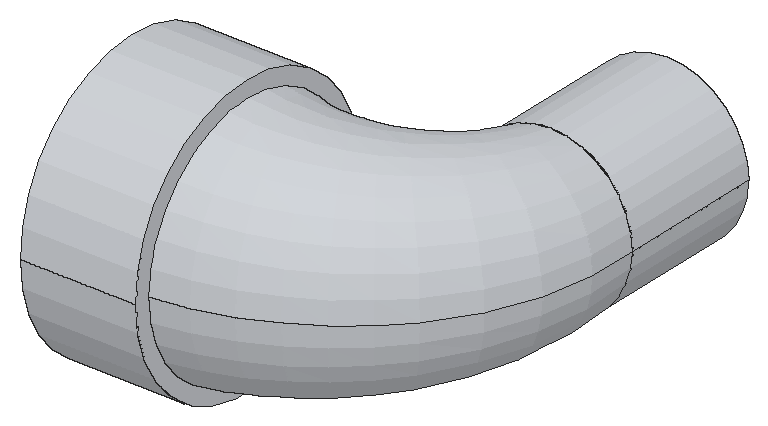
Revit family "b324c178da9f4edabe8c69b3fc195ad2", category Pipe Fittings, Revit 2021
Family settings
  Round Connector Dimension = Use Radius
  Part Type = Elbow
  OmniClass Number = 23.60.30.11.14
  OmniClass Title = Pipework Fittings
  Seek Item ID = Elbow Street - Threaded - MI - Class 300-0000-USA-ENU
  Work Plane-Based = No
  Always vertical = Yes
  Cut with Voids When Loaded = No
  Shared = No
Parameters (values of type "Standard")
  Tick Size [instance] = Fitting Outside Diameter 1 * 0.4  # 0.32913"
  Metal Thickness [instance] = size_lookup(Lookup Table Name, "MThk", 0.07 * Nominal Diameter + 31/256", Nominal Diameter)  # 0.14173"
  Male End Port Diameter [instance] = size_lookup(Lookup Table Name, "MEPD", 0.85 * Nominal Diameter + 3/128", Nominal Diameter)  # 0.25984"
  Loss Method = K Coefficient from Table
  Lookup Table Name = "Elbow Street - Threaded - MI - Class 300"
  Length 5 [instance] = if(Length 1 > Fitting Outside Radius 1 * tan(Angle / 2), Length 1, Fitting Outside Radius 1 * tan(Angle / 2) + 1/32")  # 0.55906"
  Length 4 [instance] = Length 5 * sin(Angle)  # 0.55906"
  Length 3 [instance] = Length 5 + Length 5 * cos(Angle)  # 0.55906"
  Length 2 [instance] = if(Center to Male End - External Thread Length - Length 1 < 1/32", 1/32", Center to Male End - External Thread Length - Length 1)  # 0.48031"
  K Coefficient Table = "Regular Threaded 45, 90 and 180 Elbow"
  Fitting Outside Radius 2 [instance] = Fitting Outside Diameter 2 / 2  # 0.27165"
  Fitting Outside Radius 1 [instance] = Fitting Outside Diameter 1 / 2  # 0.41142"
  Fitting Outside Diameter 2 [instance] = Male End Port Diameter + Metal Thickness * 2  # 0.54331"
  Fitting Outside Diameter 1 [instance] = Fitting Inside Diameter + Metal Thickness * 2  # 0.82283"
  Length 1 [instance] = Center to End - Band Width  # 0.55906"
  Nominal Radius [instance] = 1/8"
  Nominal Diameter [instance] = Nominal Radius * 2  # 1/4"
  Fitting Inside Diameter [instance] = size_lookup(Lookup Table Name, "FID", 1.04 * Nominal Diameter + 67/256", Nominal Diameter)  # 0.53937"
  External Thread Length [instance] = size_lookup(Lookup Table Name, "ETL", 0.28 * Nominal Diameter + 85/256", Nominal Diameter)  # 0.40157"
  Default Elevation = 0' - 0"
  Center to Male End 2 [instance] = size_lookup(Lookup Table Name, "CtME2", 0.95 * Nominal Diameter + 217/256", Nominal Diameter)  # 1.14961"
  Center to Male End 1 [instance] = size_lookup(Lookup Table Name, "CtME1", 1.28 * Nominal Diameter + 1 23/128", Nominal Diameter)  # 1.44094"
  Center to Male End [instance] = if(and(Angle > 0.00°, (not(Angle > 45.00°))), Center to Male End 2, Center to Male End 1)  # 1.44094"
  Center to End 1 [instance] = size_lookup(Lookup Table Name, "CtE1", 0.86 * Nominal Diameter + 97/128", Nominal Diameter)  # 0.94094"
  Center to End 2 [instance] = size_lookup(Lookup Table Name, "CtE2", 0.72 * Nominal Diameter + 37/64", Nominal Diameter)  # 0.80709"
  Center to End [instance] = if(and(Angle > 0.00°, (not(Angle > 45.00°))), Center to End 2, Center to End 1)  # 0.94094"
  Center Radius [instance] = Length 5 / tan(Angle / 2)  # 0.55906"
  Band Width [instance] = size_lookup(Lookup Table Name, "BWid", 0.22 * Nominal Diameter + 97/256", Nominal Diameter)  # 0.38189"
  Band Outside Radius [instance] = Band Outside Diameter / 2  # 0.46457"
  Band Outside Diameter [instance] = size_lookup(Lookup Table Name, "BOD", 1.29 * Nominal Diameter + 161/256", Nominal Diameter)  # 0.92913"
  Assembly Code = ""
  Angle [instance] = 90.00°
Reference planes (in)
  plane 1 "Center (Front/Back)": y = 0
  plane 2: z = 0
  plane 3 "Center (Left/Right)": x = 0
  plane 4: x = -0.55906
  plane 5: x = 0
  plane 6: y = 0.55906
  plane 7: y = 0.55906
  plane 8: x = -0.94094
Forms (in)
  SweptBlend 1, solid, detail levels fine
    path in 3D
      loop
        arc (-0.55906, 0, 0) -> (-0.16374, 0.16374, 0) -> (0, 0.55906, 0) r 0.55906
    profile origin (-0.55906, 0, 0) x (0, 1, 0) y (0, 0, 1)
      loop
        circle (0, 0) r 0.41142
    end profile origin (0, 0.55906, 0) x (-1, 0, 0) y (0, 0, 1)
      loop
        circle (0, 0) r 0.27165
  Sweep 2, solid, detail levels fine
    path in 3D
      loop
        line (0, 0.55906, 0) -> (0, 1.03937, 0)
    profile origin (0, 0.79921, 0) x (-1, 0, 0) y (0, 0, 1)
      loop
        circle (0, 0) r 0.27165
  Sweep 3, solid, detail levels fine
    path in 3D
      loop
        line (-0.94094, 0, 0) -> (-0.55906, 0, 0)
    profile origin (-0.75, 0, 0) x (0, 1, 0) y (0, 0, 1)
      loop
        circle (0, 0) r 0.46457
Cuts and joins
  joined: SweptBlend 1, Sweep 3
Lines and regions (in)
  model lines, detail levels coarse+medium
    curve 1: arc (-0.55906, 0, 0) -> (-0.16374, 0.16374, 0) -> (0, 0.55906, 0) r 0.55906
    curve 2: line (0, 0.55906, 0) -> (0, 1.03937, 0)
    curve 3: line (-0.94094, 0, 0) -> (-0.55906, 0, 0)
    curve 8: line (-0.94094, 0.32913, 0) -> (-0.94094, 0, 0)
    curve 9: line (-0.94094, -0.32913, 0) -> (-0.94094, 0, 0)
    curve 10: line (0, 1.03937, 0) -> (0.32913, 1.03937, 0)
    curve 11: line (0, 1.03937, 0) -> (-0.32913, 1.03937, 0)
  sketch lines
    curve 4: arc (-0.55906, 0, 0) -> (-0.16374, 0.16374, 0) -> (0, 0.55906, 0) r 0.55906
    curve 5: line (0, 0.55906, 0) -> (0, 1.03937, 0)
    curve 6: line (-0.94094, 0, 0) -> (-0.55906, 0, 0)
  reference lines
    curve 7: line (-0.55906, 0, 0) -> (-0.94094, 0, 0)
Dimensions and locks (in)
  "Length 1": plane 4 to plane 3 "Center (Left/Right)"
  "Length 4": plane 1 "Center (Front/Back)" to plane 6
  "Length 3": plane 4 to plane 5
  "Center Radius": plane 7 to plane 1 "Center (Front/Back)"
  "Length 2": curve 2 to curve 2
  "Band Width": plane 8 to plane 4
  "Tick Size": curve 8 to curve 8
  "Tick Size": curve 9 to curve 9
  "Tick Size": curve 10 to curve 10
  "Tick Size": curve 11 to curve 11
  "Fitting Outside Radius 1": radius of SweptBlend 1 sketch curve
  "Fitting Outside Radius 2": radius of SweptBlend 1 sketch curve
  "Fitting Outside Radius 2": radius of Sweep 2 sketch curve
  "Band Outside Radius": radius of Sweep 3 sketch curve
  "Angle": angle curve 1 to curve 1
  "Angle": angle plane 6 to curve 2
  angle curve 10 to curve 2 = 90.00°
  angle curve 2 to curve 11 = 90.00°
  aligned and locked: plane 7 to curve 1
  aligned and locked: plane 4 to curve 1
  aligned and locked: plane 5 to curve 2
  aligned and locked: plane 8 to curve 3
  aligned and locked: plane 4 to curve 3
  aligned and locked: plane 8 to curve 7
  aligned and locked: curve 7 to plane 1 "Center (Front/Back)"
  aligned and locked: plane 1 "Center (Front/Back)" to curve 8
  aligned and locked: curve 8 to plane 8
  aligned and locked: plane 8 to curve 9
Automatic sketch dimensions
  SweptBlend 1 sketch curve to profile plane = 0' - 0"  (x4)
  Sweep 2 sketch curve to profile plane = 0' - 0"  (x2)
  Sweep 3 sketch curve to profile plane = 0' - 0"  (x2)
  curve 7 to plane 4 = 0' - 0"
Connectors (in)
  piping at (-0.94094, 0, 0), diameter 0.25, driven by "Nominal Radius", driven by "Angle"
    settings: on cut or joined group of SweptBlend 1, Sweep 3, index 1, connector inside diameter 1/4", connector length 0' - 0", flow factor 0, pipe flow 0 GPM, pressure drop 0.00 psi, fitting loss kfactor 0, connector angle 90.00°, fixture units 0, engagement length 0' - 0", angle of deflection 0.00°, flow configuration 0, flow direction 0, fitting loss method 0, system type 28, joint type 0, gender type 0, connector reference index 2, connector utility 0, adjustable connector no, is connector primary yes, connector description ""
  piping at (0, 1.03937, 0), diameter 0.25, driven by "Nominal Radius", driven by "Angle"
    settings: on Sweep 2, index 2, connector inside diameter 1/4", connector length 0' - 0", flow factor 0, pipe flow 0 GPM, pressure drop 0.00 psi, fitting loss kfactor 0, connector angle 90.00°, fixture units 0, engagement length 0' - 0", angle of deflection 0.00°, flow configuration 0, flow direction 0, fitting loss method 0, system type 28, joint type 0, gender type 0, connector reference index 1, connector utility 0, adjustable connector no, is connector primary no, connector description ""
